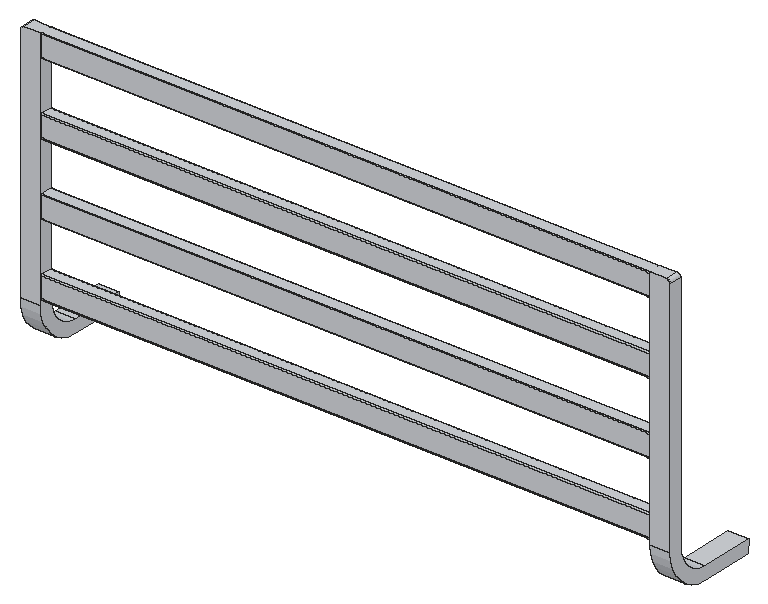
Revit family "Accessory-Towel_Bar-KOHLER-LOURE-K-11577T", category Specialty Equipment, host Face, Revit 2017
Family settings
  Host = Face
  Round Connector Dimension = Use Diameter
  Part Type = Normal
  OmniClass Number = 23.31.25.25
  OmniClass Title = Towel Bars
  Cut with Voids When Loaded = No
  Shared = No
  Room Calculation Point = No
Parameters (values of type "CP-Polished_Chrome")
  Width = 24.01575"  # constant formula
  WaterSense Certified = 1 = 0  # no
  URL = "http://www.kohler.com.cn/\r\nhttp://www.kohler.com.cn/\r\nhttp://www.kohler.com.cn/\r\nhttp://www.kohler.com.cn/\r\nhttp://www.kohler.com.cn/"
  Product Page URL = "https://www.kohler.com.cn/en/product/K-11577T-CP/K-11577T-CP/"
  Product Name = "LOURE"  # constant formula
  Product Documentation Link = "https://files.kohler.com.cn/pdfs/loure_acc.pdf"
  Model = "K-11577T-CP"  # constant formula
  Material = "Premium Metal Construction"  # constant formula
  Master Format 2014 Name = "Toilet, Bath, and Laundry Accessories"  # constant formula
  Master Format 2014 = "10 28 00"  # constant formula
  Manufacturer Address = "Kohler Beijing Office (100016) 36-2-03-B, No. 88, Liuxiang Road, Beijing"  # constant formula
  Manufacturer = "KOHLER C"  # constant formula
  Length = 11.02362"  # constant formula
  Height = 3.74016"  # constant formula
  Finish = Kohler-Metal-CP-Polished_Chrome
  Environmental Product Declaration = ""
  Description = "24 Towel Bar"  # constant formula
  Default Elevation = 42"
  Declare Label = ""
  Date Modified = "07/03/2020"  # constant formula
  Date Created = "07/03/2020"  # constant formula
  Copyright = "Copyright KOHLER Co."  # constant formula
  Contact Us = "http://www.kohler.com.cn/contact/contact-us/"
  Assembly Code = "C1030200"
  ADA Compliant = 1 = 0  # no
Reference planes (in)
  plane 1 "Center (Front/Back)": y = 0
  plane 2: z = 0
  plane 3 "Center (Left/Right)": x = 0
  plane 4: x = -12.00787
  plane 5: x = -12.41272
  plane 6: x = -11.60303
  plane 7: x = 11.60303
  plane 8: x = 12.41272
  plane 9: y = 3.74016
  plane 10: x = 12.00787
  plane 11: z = 11.02362
  plane 12: y = 0.50197
  plane 13: z = 0.50689
Dimensions and locks (in)
  "Width": plane 4 to plane 10
  "Height": plane 1 "Center (Front/Back)" to plane 9
  "Length": plane 11 to plane 2
  aligned and locked: plane 2 to host face
  aligned and locked: level to host face
Automatic sketch dimensions
  host sketch curve to host sketch curve = 96"  (x2)
Nested families (in)
  nested 1: "K-11577T" at (0, 0, 0), type "K-11577T"
Definition of nested family "K-11577T"
  Parameters (values of type "K-11577T")
    Material = none
  Reference planes (in)
    plane 1 "Center (Front/Back)": y = 0
    plane 2: z = 0
    plane 3 "Center (Left/Right)": x = 0
    plane 4: x = -12.00787
    plane 5: x = 12.00787
    plane 6: y = 3.74016
    plane 7: z = 11.02362
    plane 8: x = -12.41272
    plane 9: x = 12.41272
    plane 10: y = 0.50197
    plane 11: z = 0.50689
    plane 12: x = 11.60303
    plane 13: x = -11.60303
  Forms (in)
    Extrusion 1, solid, material <- "Material", detail levels medium+fine
      sketch origin (0, 0, 0) x (0, 1, 0) y (0, 0, 1)
        loop
          line (3.74016, 0) -> (3.74016, 0.50689) -> (1.67827, 0.50689)
          arc (1.67827, 0.50689) -> (0.8465, 0.85142) -> (0.50197, 1.6832) r 1.17631
          line (0.50197, 1.6832) -> (0.50197, 11.01181) -> (0, 11.01181) -> (0, 1.68845)
          arc (0, 1.68845) -> (0.49454, 0.49454) -> (1.68845, 0) r 1.68845
          line (1.68845, 0) -> (3.74016, 0)
      from 11.645 to 12.41272
    Extrusion 2, solid, material <- "Material", detail levels medium+fine
      sketch origin (0, 0, 0) x (0, 1, 0) y (0, 0, -1)
        loop
          line (3.74016, 0) -> (1.68845, 0)
          arc (1.68845, 0) -> (0.49454, -0.49454) -> (0, -1.68845) r 1.68845
          line (0, -1.68845) -> (0, -11.01181) -> (0.50197, -11.01181) -> (0.50197, -1.6832)
          arc (0.50197, -1.6832) -> (0.8465, -0.85142) -> (1.67827, -0.50689) r 1.17631
          line (1.67827, -0.50689) -> (3.74016, -0.50689) -> (3.74016, 0)
      from 11.645 to 12.41272
    Extrusion 3, solid, material <- "Material", detail levels medium+fine
      sketch origin (0, 0, 0) x (0, 1, 0) y (0, 0, 1)
        loop
          line (0.46063, 11.01181) -> (0.03937, 11.01181)
          arc (0.03937, 11.01181) -> (0.0171, 11.00259) -> (0.00787, 10.98031) r 0.0315
          line (0.00787, 10.98031) -> (0.00787, 10.17665)
          arc (0.00787, 10.17665) -> (0.0171, 10.15438) -> (0.03937, 10.14515) r 0.0315
          line (0.03937, 10.14515) -> (0.46063, 10.14515)
          arc (0.46063, 10.14515) -> (0.4829, 10.15438) -> (0.49213, 10.17665) r 0.0315
          line (0.49213, 10.17665) -> (0.49213, 10.98031)
          arc (0.49213, 10.98031) -> (0.4829, 11.00259) -> (0.46063, 11.01181) r 0.0315
        loop
          line (0.46063, 8.25591) -> (0.03937, 8.25591)
          arc (0.03937, 8.25591) -> (0.0171, 8.24668) -> (0.00787, 8.22441) r 0.0315
          line (0.00787, 8.22441) -> (0.00787, 7.42075)
          arc (0.00787, 7.42075) -> (0.0171, 7.39847) -> (0.03937, 7.38925) r 0.0315
          line (0.03937, 7.38925) -> (0.46063, 7.38925)
          arc (0.46063, 7.38925) -> (0.4829, 7.39847) -> (0.49213, 7.42075) r 0.0315
          line (0.49213, 7.42075) -> (0.49213, 8.22441)
          arc (0.49213, 8.22441) -> (0.4829, 8.24668) -> (0.46063, 8.25591) r 0.0315
        loop
          line (0.46063, 5.5) -> (0.03937, 5.5)
          arc (0.03937, 5.5) -> (0.0171, 5.49078) -> (0.00787, 5.4685) r 0.0315
          line (0.00787, 5.4685) -> (0.00787, 4.66484)
          arc (0.00787, 4.66484) -> (0.0171, 4.64257) -> (0.03937, 4.63334) r 0.0315
          line (0.03937, 4.63334) -> (0.46063, 4.63334)
          arc (0.46063, 4.63334) -> (0.4829, 4.64257) -> (0.49213, 4.66484) r 0.0315
          line (0.49213, 4.66484) -> (0.49213, 5.4685)
          arc (0.49213, 5.4685) -> (0.4829, 5.49078) -> (0.46063, 5.5) r 0.0315
        loop
          line (0.46063, 2.74409) -> (0.03937, 2.74409)
          arc (0.03937, 2.74409) -> (0.0171, 2.73487) -> (0.00787, 2.7126) r 0.0315
          line (0.00787, 2.7126) -> (0.00787, 1.90893)
          arc (0.00787, 1.90893) -> (0.0171, 1.88666) -> (0.03937, 1.87744) r 0.0315
          line (0.03937, 1.87744) -> (0.46063, 1.87744)
          arc (0.46063, 1.87744) -> (0.4829, 1.88666) -> (0.49213, 1.90893) r 0.0315
          line (0.49213, 1.90893) -> (0.49213, 2.7126)
          arc (0.49213, 2.7126) -> (0.4829, 2.73487) -> (0.46063, 2.74409) r 0.0315
      from -11.99383 to 12.08318
    Sweep 4, void
      path origin (0, 0, 0) x (0, 1, 0) y (0, 0, 1)
        loop
          line (0.50197, 11.01181) -> (0, 11.01181)
      profile origin (0, 0.25098, 11.01181) x (0, 0, -1) y (1, 0, 0)
        loop
          line (-0.06412, -12.52441) -> (0.37251, -12.52441) -> (0.37251, -12.41272) -> (0.14032, -12.41272)
          arc (0.14032, -12.41272) -> (0.0411, -12.37162) -> (0, -12.2724) r 0.14032
          line (0, -12.2724) -> (0, -12.04645) -> (-0.06412, -12.04645) -> (-0.06412, -12.52441)
        loop
          line (-0.06412, 12.52441) -> (-0.06412, 12.04645) -> (0, 12.04645) -> (0, 12.2724)
          arc (0, 12.2724) -> (0.0411, 12.37162) -> (0.14032, 12.41272) r 0.14032
          line (0.14032, 12.41272) -> (0.37251, 12.41272) -> (0.37251, 12.52441) -> (-0.06412, 12.52441)
    Extrusion 5, solid, material <- "Material", detail levels coarse
      sketch origin (0, 0, 0) x (0, 1, 0) y (0, 0, 1)
        loop
          line (0.50197, 11.01181) -> (0, 11.01181) -> (0, 10.14564) -> (0.50197, 10.14564) -> (0.50197, 11.01181)
        loop
          line (0.50197, 8.24872) -> (0, 8.24872) -> (0, 7.38845) -> (0.50197, 7.38845) -> (0.50197, 8.24872)
        loop
          line (0.50197, 5.50433) -> (0, 5.50433) -> (0, 4.63222) -> (0.50197, 4.63222) -> (0.50197, 5.50433)
        loop
          line (0.50197, 2.74155) -> (0, 2.74155) -> (0, 1.871) -> (0.50197, 1.871) -> (0.50197, 2.74155)
      from -11.96375 to 12.02009
    Extrusion 6, solid, material <- "Material", detail levels coarse
      sketch origin (0, 0, 0) x (0, 1, 0) y (0, 0, 1)
        loop
          line (3.74016, 0) -> (3.74016, 0.50689) -> (0.50197, 0.50689) -> (0.50197, 11.01181) -> (0, 11.01181) -> (0, 0) -> (3.74016, 0)
      from 11.645 to 12.41272
    Extrusion 7, solid, material <- "Material", detail levels coarse
      sketch origin (0, 0, 0) x (0, 1, 0) y (0, 0, 1)
        loop
          line (0.50197, 11.01181) -> (0, 11.01181) -> (0, 0) -> (3.74016, 0) -> (3.74016, 0.50689) -> (0.50197, 0.50689) -> (0.50197, 11.01181)
      from -12.41272 to -11.645
  Cuts and joins
    Sweep 4 cuts Extrusion 1
    Sweep 4 cuts Extrusion 2
    Sweep 4 cuts Extrusion 3
    joined: Extrusion 1, Extrusion 2, Extrusion 3
    joined: Extrusion 5, Extrusion 6, Extrusion 7
  Lines and regions (in)
    Masking region 1
      outline origin (0, 0, 0) x (1, 0, 0) y (0, 0, 1)
        loop
          line (12.41272, 0) -> (12.41272, 10.88382)
          arc (12.41272, 10.88382) -> (12.37177, 10.98267) -> (12.27291, 11.02362) r 0.1398
          line (12.27291, 11.02362) -> (-12.27291, 11.02362)
          arc (-12.27291, 11.02362) -> (-12.37177, 10.98267) -> (-12.41272, 10.88382) r 0.1398
          line (-12.41272, 10.88382) -> (-12.41272, 0) -> (-11.60303, 0) -> (-11.60303, 1.87744) -> (11.60303, 1.87744) -> (11.60303, 0) -> (12.41272, 0)
        loop
          line (11.60303, 8.25591) -> (11.60303, 10.14515) -> (-11.60303, 10.14515) -> (-11.60303, 8.25591) -> (11.60303, 8.25591)
        loop
          line (-11.60303, 7.38925) -> (-11.60303, 5.5) -> (11.60303, 5.5) -> (11.60303, 7.38925) -> (-11.60303, 7.38925)
        loop
          line (-11.60303, 4.63334) -> (-11.60303, 2.74409) -> (11.60303, 2.74409) -> (11.60303, 4.63334) -> (-11.60303, 4.63334)
    Masking region 2
      outline origin (0, 0, 0) x (1, 0, 0) y (0, 1, 0)
        loop
          line (-12.41272, 0) -> (12.41272, 0) -> (12.41272, 3.74016) -> (11.60303, 3.74016) -> (11.60303, 0.50197) -> (-11.60303, 0.50197) -> (-11.60303, 3.74016) -> (-12.41272, 3.74016) -> (-12.41272, 0)
    Masking region 3
      outline origin (0, 0, 0) x (0, 1, 0) y (0, 0, 1)
        loop
          line (0.50197, 11.02362) -> (0, 11.02362) -> (0, 1.69052)
          arc (0, 1.69052) -> (0.49514, 0.49514) -> (1.69052, 0) r 1.69052
          line (1.69052, 0) -> (3.74016, 0) -> (3.74016, 0.50689) -> (1.67984, 0.50689)
          arc (1.67984, 0.50689) -> (0.84696, 0.85188) -> (0.50197, 1.68476) r 1.17787
          line (0.50197, 1.68476) -> (0.50197, 11.02362)
    symbolic lines, detail levels medium+fine
      curve 1: line (11.60303, 0, 8.25591) -> (11.60303, 0, 7.38925)
      curve 2: line (11.60303, 0, 5.5) -> (11.60303, 0, 4.63334)
      curve 3: line (11.60303, 0, 2.74409) -> (11.60303, 0, 1.87744)
      curve 4: line (-11.60303, 0, 8.25591) -> (-11.60303, 0, 7.38925)
      curve 5: line (-11.60303, 0, 5.5) -> (-11.60303, 0, 4.63334)
      curve 6: line (-11.60303, 0, 2.74409) -> (-11.60303, 0, 1.87744)
      curve 7: line (11.60303, 0, 11.02362) -> (11.60303, 0, 10.14515)
      curve 8: line (-11.60303, 0, 11.02362) -> (-11.60303, 0, 10.14515)
      curve 9: line (12.41272, 0, 0.50689) -> (11.60303, 0, 0.50689)
      curve 10: line (-12.41272, 0, 0.50689) -> (-11.60303, 0, 0.50689)
      curve 11: line (-12.41272, 0.50197, 0) -> (-11.60303, 0.50197, 0)
      curve 12: line (11.60303, 0.50197, 0) -> (12.41272, 0.50197, 0)
  Dimensions and locks (in)
    plane 7 to level = 11.02362"  (x2)
    level to plane 7 = 11.02362"
    plane 4 to plane 5 = 24.01575"  (x2)
    plane 6 to plane 1 "Center (Front/Back)" = 3.74016"
    plane 1 "Center (Front/Back)" to plane 6 = 3.74016"
    aligned and locked: plane 2 to level
    aligned and locked: Masking region 1 sketch curve to Masking region 1 sketch curve
